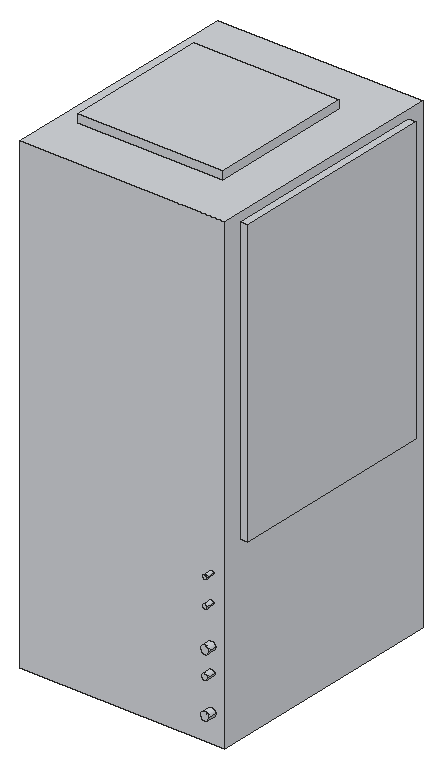
Revit family "00d3cd3217604c3fa188c37a850def20", category Mechanical Equipment, Revit 2021
Family settings
  Round Connector Dimension = Use Radius
  Part Type = Normal
  OmniClass Number = 23.75.10.21.17
  OmniClass Title = Water-Source Heat Pumps
  Seek Item ID = WSHP - Vertical - High Efficiency - 2-5 Tons - Right Return - Top Discharge-0000-USA-ENU
  Work Plane-Based = No
  Always vertical = Yes
  Cut with Voids When Loaded = No
  Shared = No
  Room Calculation Point = No
Parameters (values of type "5 Tons")
  Water Supply Radius = 1/2"
  Water Supply Diameter = Water Supply Radius * 2  # 1"
  Water Return Radius = 1/2"
  Water Return Diameter = Water Return Radius * 2  # 1"
  Water Pressure Drop [instance] = 3.60 psi
  Water Flow [instance] = 15 GPM
  Voltage = 208 V
  Supply Air Height = 18"
  Supply Air Width = 18"
  Return Air Width = 26 13/128"
  Return Air Height = 35 51/256"
  Pump Width = 2' - 6 77/128"
  Pump Material = none
  Pump Length = 2' - 1 51/128"
  Pump Height = 4' - 10 1/2"
  Number of Poles = 3
  Load Classification = Cooling
  Hot Water Supply Radius = 1/4"
  Hot Water Supply Diameter = Hot Water Supply Radius * 2  # 1/2"
  Hot Water Return Radius = 1/4"
  Hot Water Return Diameter = Hot Water Return Radius * 2  # 1/2"
  Hot Water Flow [instance] = 13 GPM
  Default Elevation = 0' - 0"
  Condensate Radius = 3/8"
  Drain Flow [instance] = 0 GPM
  Condensate Diameter = Condensate Radius * 2  # 3/4"
  C6 Offset 1 = 0' - 1"
  C5 Offset 2 = 0' - 6 77/256"
  C5 Offset 1 = 0' - 5 77/256"
  C4 Offset 1 = 1' - 3 77/128"
  C3 Offset 1 = 1' - 6 115/128"
  C2 Offset 1 = 0' - 10 205/256"
  C1 Offset 1 = 0' - 3 51/128"
  Apparent Load = 7696 VA
  External Static Pressure [instance] = 0.80 in-wg
  Air Flow [instance] = 2000 CFM
Types (5): name | Water Supply Radius | Water Supply Diameter | Water Return Radius | Water Return Diameter | Water Pressure Drop | Water Flow | Supply Air Height | Supply Air Width | Return Air Width | Return Air Height | Pump Width | Pump Length | Pump Height | Hot Water Flow | C5 Offset 2 | C5 Offset 1 | C4 Offset 1 | C3 Offset 1 | C2 Offset 1 | C1 Offset 1 | Apparent Load | External Static Pressure | Air Flow
  (no name) | 1/2" | 1" | 1/2" | 1" | 3.60 psi | 15 GPM | 18" | 18" | 26 13/128" | 35 51/256" | 2' - 6 77/128" | 2' - 1 51/128" | 4' - 10 1/2" | 13 GPM | 0' - 6 77/256" | 0' - 5 77/256" | 1' - 3 77/128" | 1' - 6 115/128" | 0' - 10 205/256" | 0' - 3 51/128" | 7696 VA | 0.80 in-wg | 2000 CFM
  2 Tons | 3/8" | 3/4" | 3/8" | 3/4" | 3.50 psi | 8 GPM | 14" | 14" | 21 13/128" | 27 51/256" | 2' - 1 77/128" | 1' - 10 51/128" | 4' - 0 1/2" | 5 GPM | 0' - 5 205/256" | 0' - 4 115/128" | 1' - 1 115/128" | 1' - 4 115/128" | 0' - 10" | 0' - 2 13/128" | 3952 VA | 0.60 in-wg | 800 CFM
  3 Tons | 3/8" | 3/4" | 3/8" | 3/4" | 4.50 psi | 9 GPM | 18" | 18" | 26 13/128" | 27 51/256" | 2' - 6 77/128" | 2' - 1 51/128" | 4' - 2 1/2" | 8 GPM | 0' - 6 77/256" | 0' - 5 77/256" | 1' - 3 77/128" | 1' - 6 115/128" | 0' - 10 205/256" | 0' - 3 51/128" | 5283 VA | 0.60 in-wg | 1200 CFM
  4 Tons | 1/2" | 1" | 1/2" | 1" | 3.60 psi | 12 GPM | 18" | 18" | 26 13/128" | 31 51/256" | 2' - 6 77/128" | 2' - 1 51/128" | 4' - 6 1/2" | 10 GPM | 0' - 6 77/256" | 0' - 5 77/256" | 1' - 3 77/128" | 1' - 6 115/128" | 0' - 10 205/256" | 0' - 3 51/128" | 6780 VA | 0.80 in-wg | 1600 CFM
  5 Tons | 1/2" | 1" | 1/2" | 1" | 3.60 psi | 15 GPM | 18" | 18" | 26 13/128" | 35 51/256" | 2' - 6 77/128" | 2' - 1 51/128" | 4' - 10 1/2" | 13 GPM | 0' - 6 77/256" | 0' - 5 77/256" | 1' - 3 77/128" | 1' - 6 115/128" | 0' - 10 205/256" | 0' - 3 51/128" | 7696 VA | 0.80 in-wg | 2000 CFM
Reference planes (in)
  plane 1 "Center (Front/Back)": y = 0
  plane 2: z = 0
  plane 3 "Center (Left/Right)": x = 0
  plane 4: x = 25.39844
  plane 5: y = 30.60156
  plane 6: z = 58.5
  plane 7: y = 24.30078
  plane 8: y = 6.30078
  plane 9: z = 59.5
  plane 10: z = 3.6
  plane 11: x = 1.63
  plane 12: x = 23.71844
  plane 13: z = 3.39844
  plane 14: z = 7.8
  plane 15: z = 10.80078
  plane 16: z = 15.60156
  plane 17: z = 18.89844
  plane 18: y = -1
  plane 19: x = 2.09766
  plane 20: x = 20.09766
  plane 21: y = 15.30078
  plane 22: y = 2.25
  plane 23: y = 28.35156
  plane 24: z = 57.5
  plane 25: z = 22.30078
  plane 26: x = 26.39844
Forms (in)
  Extrusion 1, solid, material <- "Pump Material"
    sketch origin (0, 0, 0) x (1, 0, 0) y (0, 1, 0)
      loop
        line (0, 30.60156) -> (0, 0) -> (25.39844, 0) -> (25.39844, 30.60156) -> (0, 30.60156)
    from 0 to 58.5
  Extrusion 2, solid, material <- "Pump Material"
    sketch origin (0, 0, 0) x (1, 0, 0) y (0, 1, 0)
      loop
        line (2.09766, 24.30078) -> (2.09766, 6.30078) -> (20.09766, 6.30078) -> (20.09766, 24.30078) -> (2.09766, 24.30078)
    from 58.5 to 59.5
  Extrusion 3, solid, material <- "Pump Material"
    sketch origin (0, 0, 0) x (1, 0, 0) y (0, 0, 1)
      loop
        circle (1.63, 3.6) r 1
    from -1 to 0
  Extrusion 4, solid, material <- "Pump Material"
    sketch origin (0, 0, 0) x (1, 0, 0) y (0, 0, 1)
      loop
        circle (23.71844, 3.39844) r 0.5
    from 0 to 1
  Extrusion 5, solid, material <- "Pump Material"
    sketch origin (0, 0, 0) x (1, 0, 0) y (0, 0, 1)
      loop
        circle (23.71844, 7.8) r 0.375
    from 0 to 1
  Extrusion 6, solid, material <- "Pump Material"
    sketch origin (0, 0, 0) x (1, 0, 0) y (0, 0, 1)
      loop
        circle (23.71844, 10.80078) r 0.5
    from 0 to 1
  Extrusion 7, solid, material <- "Pump Material"
    sketch origin (0, 0, 0) x (1, 0, 0) y (0, 0, 1)
      loop
        circle (23.71844, 15.60156) r 0.25
    from 0 to 1
  Extrusion 8, solid, material <- "Pump Material"
    sketch origin (0, 0, 0) x (1, 0, 0) y (0, 0, 1)
      loop
        circle (23.71844, 18.89844) r 0.25
    from 0 to 1
  Extrusion 9, solid, material <- "Pump Material"
    sketch origin (0, 0, 0) x (0, 1, 0) y (0, 0, 1)
      loop
        line (2.25, 57.5) -> (2.25, 22.30078) -> (28.35156, 22.30078) -> (28.35156, 57.5) -> (2.25, 57.5)
    from 25.39844 to 26.39844
Cuts and joins
  joined: Extrusion 1, Extrusion 2, Extrusion 3, Extrusion 4, Extrusion 5, Extrusion 6, Extrusion 7, Extrusion 8, Extrusion 9
Dimensions and locks (in)
  "Pump Length": plane 3 "Center (Left/Right)" to plane 4
  "Pump Width": plane 5 to plane 1 "Center (Front/Back)"
  "Pump Height": plane 6 to level
  "C5 Offset 2": plane 5 to plane 7
  "Supply Air Height": plane 7 to plane 8
  locked: plane 9 to plane 6 at 1
  locked: plane 10 to level at 3.6
  locked: plane 11 to plane 3 "Center (Left/Right)" at 1.63
  locked: plane 4 to plane 12 at 1.68
  "C1 Offset 1": plane 13 to level
  locked: plane 14 to level at 7.8
  "C2 Offset 1": plane 15 to level
  "C4 Offset 1": plane 16 to level
  "C3 Offset 1": plane 17 to level
  locked: plane 18 to plane 1 "Center (Front/Back)" at 1
  "C5 Offset 1": plane 20 to plane 4
  "Supply Air Width": plane 19 to plane 20
  equal spacing: plane 22, plane 21, plane 23
  "Return Air Width": plane 22 to plane 23
  equal spacing: plane 1 "Center (Front/Back)", plane 21, plane 5
  "C6 Offset 1": plane 6 to plane 24
  "Return Air Height": plane 24 to plane 25
  locked: plane 4 to plane 26 at 1
  "Water Supply Radius": radius of Extrusion 4 sketch curve
  "Condensate Radius": radius of Extrusion 5 sketch curve
  "Water Return Radius": radius of Extrusion 6 sketch curve
  "Hot Water Return Radius": radius of Extrusion 7 sketch curve
  "Hot Water Supply Radius": radius of Extrusion 8 sketch curve
  aligned and locked: plane 3 "Center (Left/Right)" to Extrusion 1 sketch curve
  aligned and locked: Extrusion 1 sketch curve to plane 5
  aligned and locked: plane 1 "Center (Front/Back)" to Extrusion 1 sketch curve
  aligned and locked: Extrusion 1 sketch curve to plane 4
  aligned and locked: plane 6 to Extrusion 1
  aligned and locked: Extrusion 1 to level
  aligned and locked: Extrusion 2 sketch curve to plane 7
  aligned and locked: plane 8 to Extrusion 2 sketch curve
  aligned and locked: plane 9 to Extrusion 2
  aligned and locked: Extrusion 2 to plane 6
  aligned and locked: plane 10 to Extrusion 3 sketch curve
  aligned and locked: plane 11 to Extrusion 3 sketch curve
  aligned and locked: plane 1 "Center (Front/Back)" to Extrusion 3
  aligned and locked: plane 13 to Extrusion 4 sketch curve
  aligned and locked: plane 12 to Extrusion 4 sketch curve
  aligned and locked: plane 14 to Extrusion 5 sketch curve
  aligned and locked: plane 12 to Extrusion 5 sketch curve
  aligned and locked: plane 15 to Extrusion 6 sketch curve
  aligned and locked: plane 12 to Extrusion 6 sketch curve
  aligned and locked: plane 16 to Extrusion 7 sketch curve
  aligned and locked: plane 12 to Extrusion 7 sketch curve
  aligned and locked: plane 17 to Extrusion 8 sketch curve
  aligned and locked: plane 12 to Extrusion 8 sketch curve
  aligned and locked: Extrusion 8 to plane 18
  aligned and locked: Extrusion 8 to plane 1 "Center (Front/Back)"
  aligned and locked: Extrusion 7 to Extrusion 8
  aligned and locked: Extrusion 7 to plane 1 "Center (Front/Back)"
  aligned and locked: Extrusion 6 to Extrusion 7
  aligned and locked: Extrusion 6 to plane 1 "Center (Front/Back)"
  aligned and locked: Extrusion 6 to Extrusion 5
  aligned and locked: Extrusion 5 to plane 1 "Center (Front/Back)"
  aligned and locked: Extrusion 4 to Extrusion 5
  aligned and locked: Extrusion 4 to plane 1 "Center (Front/Back)"
  aligned and locked: Extrusion 2 to plane 19
  aligned and locked: plane 20 to Extrusion 2
  aligned and locked: plane 22 to Extrusion 9 sketch curve
  aligned and locked: Extrusion 9 sketch curve to plane 24
  aligned and locked: plane 25 to Extrusion 9 sketch curve
  aligned and locked: Extrusion 9 sketch curve to plane 23
  aligned and locked: plane 26 to Extrusion 9
  aligned and locked: Extrusion 9 to plane 4
Automatic sketch dimensions
  Extrusion 2 sketch curve to plane 12 = 0' - 3.62078"
  plane 11 to Extrusion 2 sketch curve = 0' - 0.46766"
  radius of Extrusion 3 sketch curve = 0' - 1"
Connectors (in)
  piping at (23.71844, -1, 3.39844), diameter 1, driven by "Water Flow", driven by "Water Supply Radius"
    settings: on Extrusion 4, index 1, connector inside diameter 1", connector length 0' - 0", flow factor 0, pipe flow 15 GPM, pressure drop 0.00 psi, fitting loss kfactor 0, connector angle 0.00°, fixture units 0, engagement length 0' - 0", angle of deflection 0.00°, flow configuration 1, flow direction 1, fitting loss method 0, system type 7, joint type 0, gender type 0, connector reference index 2, connector utility 0, adjustable connector no, is connector primary yes, connector description "Water Supply In"
  piping at (23.71844, -1, 10.80078), diameter 1, driven by "Water Flow", driven by "Water Return Radius", driven by "Water Pressure Drop"
    settings: on Extrusion 6, index 2, connector inside diameter 1", connector length 0' - 0", flow factor 0, pipe flow 15 GPM, pressure drop 3.60 psi, fitting loss kfactor 0, connector angle 0.00°, fixture units 0, engagement length 0' - 0", angle of deflection 0.00°, flow configuration 1, flow direction 2, fitting loss method 4, system type 8, joint type 0, gender type 0, connector reference index 1, connector utility 0, adjustable connector no, is connector primary no, connector description "Water Return Out"
  piping at (23.71844, -1, 18.89844), diameter 0.5, driven by "Hot Water Flow", driven by "Hot Water Supply Radius"
    settings: on Extrusion 8, index 3, connector inside diameter 1/2", connector length 0' - 0", flow factor 0, pipe flow 13 GPM, pressure drop 0.00 psi, fitting loss kfactor 0, connector angle 0.00°, fixture units 0, engagement length 0' - 0", angle of deflection 0.00°, flow configuration 0, flow direction 2, fitting loss method 0, system type 7, joint type 0, gender type 0, connector reference index 4, connector utility 0, adjustable connector no, is connector primary no, connector description "Hot Water Supply Out"
  piping at (23.71844, -1, 15.60156), diameter 0.5, driven by "Hot Water Flow", driven by "Hot Water Return Radius"
    settings: on Extrusion 7, index 4, connector inside diameter 1/2", connector length 0' - 0", flow factor 0, pipe flow 13 GPM, pressure drop 0.00 psi, fitting loss kfactor 0, connector angle 0.00°, fixture units 0, engagement length 0' - 0", angle of deflection 0.00°, flow configuration 0, flow direction 1, fitting loss method 0, system type 8, joint type 0, gender type 0, connector reference index 3, connector utility 0, adjustable connector no, is connector primary no, connector description "Hot Water Return In"
  hvac at (11.09766, 15.30078, 59.5), driven by "Air Flow", driven by "Supply Air Height", driven by "Supply Air Width"
    settings: on Extrusion 2, index 5, duct flow 2000 CFM, flow factor 0, pres drop 0.00 in-wg, loss coef 0, conn angle 0.00°, conn width 18", conn height 18", conn diameter 24", duct sys type 1, conn prof type 1, flow config 0, flow direction 2, loss method 0, conn ref index 6, conn util no, is conn primary yes, conn desc ""
  hvac at (26.39844, 15.30078, 39.90039), driven by "Air Flow", driven by "Return Air Height", driven by "Return Air Width"
    settings: on Extrusion 9, index 6, duct flow 2000 CFM, flow factor 0, pres drop 0.00 in-wg, loss coef 0, conn angle 0.00°, conn width 26 13/128", conn height 35 51/256", conn diameter 24", duct sys type 2, conn prof type 1, flow config 0, flow direction 1, loss method 0, conn ref index 5, conn util no, is conn primary no, conn desc ""
  piping at (23.71844, -1, 7.8), diameter 0.75, driven by "Drain Flow", driven by "Condensate Radius"
    settings: on Extrusion 5, index 7, connector inside diameter 3/4", connector length 0' - 0", flow factor 0, pipe flow 0 GPM, pressure drop 0.00 psi, fitting loss kfactor 0, connector angle 0.00°, fixture units 0, engagement length 0' - 0", angle of deflection 0.00°, flow configuration 1, flow direction 2, fitting loss method 0, system type 16, joint type 0, gender type 0, connector reference index -1, connector utility 0, adjustable connector yes, is connector primary no, connector description "Condensate Out"
  electrical at (1.63, 0, 3.6), driven by "Apparent Load", driven by "Voltage", driven by "Number of Poles", driven by "Load Classification"
    settings: on Extrusion 3, index 8, voltage 208 V, apparent load 7696 VA, apparent load phase1 0 VA, apparent load phase2 0 VA, apparent load phase3 0 VA, power factor 0.8, load classification "Cooling", number of poles 3, system type 30, power factor state 1, is connector primary yes, connector utility no, sub classification motor no, connector description ""
